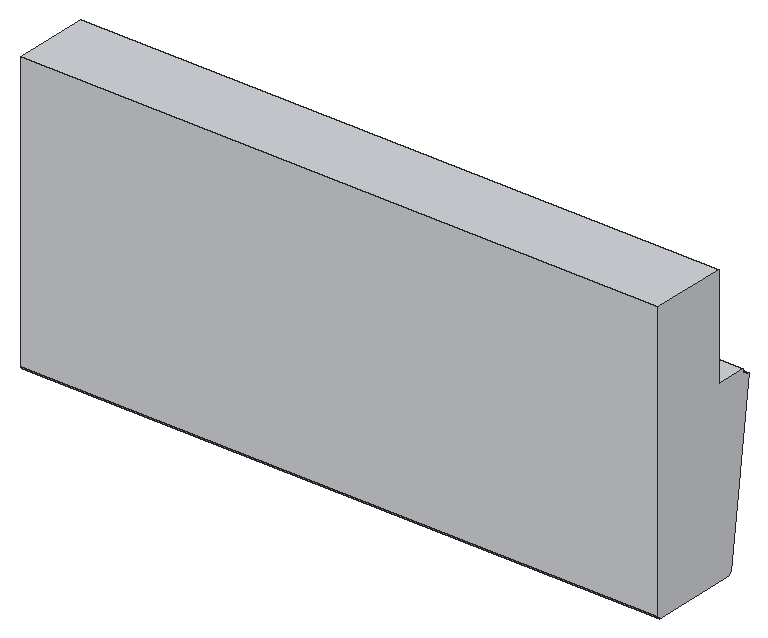
Revit family "KBE d=700_Precast-Console Beam_Spæncom", category Structural Framing, Revit 2014
Parameters (values of type "KBE 110/40")
  Width console = 149.983 mm
  Structural Material [instance] = none
  Model = "KBE 110/40"
  Manufacturer = "Spæncom"
  Length [instance] = 3000 mm
  Height element = 1100 mm
  Height (bjælkekroppen) = 400 mm
  Width (bjælkekroppen) = 298 mm  # constant formula
  Height console = 700 mm  # constant formula
  Base width = 360 mm  # constant formula
Types (10, lengths in mm): name | Model | Height element | Height (bjælkekroppen)
  (no name) | "KBE 110/40" | 1100 | 400
  KBE 100/30 | "KBE 100/30" | 1000 | 300
  KBE 102/32 | "KBE 102/32" | 1020 | 320
  KBE 107/37 | "KBE 107/37" | 1070 | 370
  KBE 110/40 | "KBE 110/40" | 1100 | 400
  KBE 120/50 | "KBE 120/50" | 1200 | 500
  KBE 130/60 | "KBE 130/60" | 1300 | 600
  KBE 88/18 | "KBE 88/18" | 880 | 180
  KBE 92/22 | "KBE 92/22" | 920 | 220
  KBE 97/27 | "KBE 97/27" | 970 | 270
Reference planes
  plane 1 "Center (Front/Back)": y = 0
  plane 2 "Center Elevation": z = 0
  plane 3 "Center (Left/Right)": x = 0
  plane 4 "Left": x = -1500
  plane 5 "Member Left": x = -1250
  plane 6 "Stick Symbol Left": x = -1000
  plane 7 "Right": x = 1500
  plane 8 "Member Right": x = 1250
  plane 9 "Stick Symbol Right": x = 1000
  plane 10: z = 700
  plane 11: z = 700
  plane 12: through (0, 264.199, 675.003) normal (0, -0.9922, 0.1247)
  plane 13: through (0, 264.249, 675.003) normal (0, -0.9922, 0.1248)
  plane 14: through (0, 267.358, 700) normal (0, -0.9922, 0.1248)
Forms (mm)
  Extrusion 1, solid, material <- "Structural Material"
    sketch origin (-1500, 0, 0) x (0, -1, 0) y (0, 0, 1)
      loop
        line (180.642, 1100) -> (-117.358, 1100) -> (-117.358, 700) -> (-237.378, 700) -> (-237.378, 690) -> (-264.223, 675.021) -> (-180.573, 9.901) -> (-170.672, 0) -> (170.672, 0) -> (180.642, 9.967) -> (180.642, 1100)
    from -2750 to -250
Dimensions and locks
  equal spacing: plane 4 "Left", plane 3 "Center (Left/Right)", plane 7 "Right"
  "Length": plane 4 "Left" to plane 7 "Right"
  "Height console": plane 10 to plane 2 "Center Elevation"
  "Height (bjælkekroppen)": plane 10 to Extrusion 1
  "Height element": Extrusion 1 to level
  "Width (bjælkekroppen)": Extrusion 1 to Extrusion 1
  "Base width": plane 12 to Extrusion 1
  "Width console": plane 12 to Extrusion 1
  locked: plane 14 to Extrusion 1 sketch curve at 29.98
  aligned and locked: level to plane 2 "Center Elevation"
  aligned and locked: Extrusion 1 to plane 8 "Member Right"
  aligned and locked: plane 5 "Member Left" to Extrusion 1
  aligned and locked: Extrusion 1 to level
  aligned and locked: Extrusion 1 sketch curve to plane 10
  aligned and locked: Extrusion 1 to plane 10
Automatic sketch dimensions
  Extrusion 1 sketch curve to level = 0 mm
  level to Extrusion 1 sketch curve = 9.901 mm
  Extrusion 1 sketch curve to plane 1 "Center (Front/Back)" = 180.573 mm
  Extrusion 1 sketch curve to Extrusion 1 sketch curve = 9.901 mm
  Extrusion 1 sketch curve to plane 1 "Center (Front/Back)" = 117.358 mm
  plane 1 "Center (Front/Back)" to Extrusion 1 sketch curve = 170.672 mm
  level to Extrusion 1 sketch curve = 9.967 mm
  Extrusion 1 sketch curve to Extrusion 1 sketch curve = 9.97 mm
  Extrusion 1 sketch curve to plane 10 = 400 mm
  plane 10 to Extrusion 1 sketch curve = 10 mm
  plane 10 to Extrusion 1 sketch curve = 24.979 mm
  Extrusion 1 sketch curve to Extrusion 1 sketch curve = 26.845 mm
